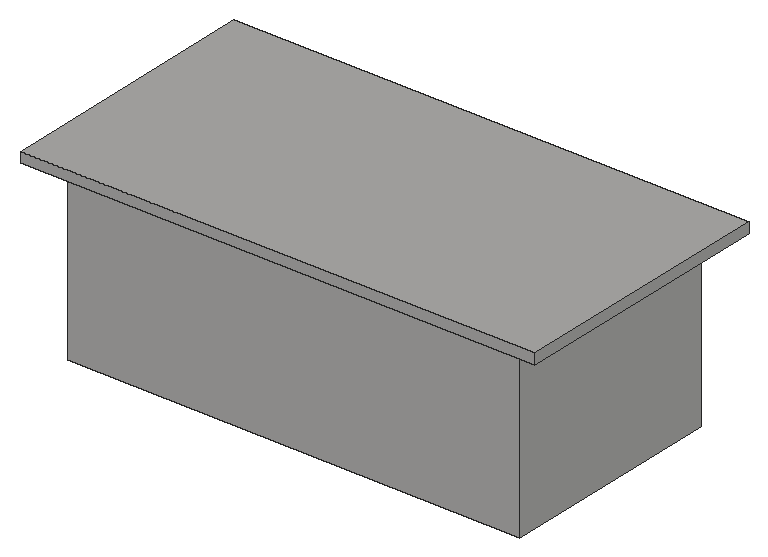
Revit family "Bancada_Lab_Seca_Ilh", category Plumbing Fixtures, Revit 2025
Family settings
  Round Connector Dimension = Use Diameter
  Part Type = Normal
  Work Plane-Based = No
  Enable Cutting in Views = No
  Always vertical = Yes
  Cut with Voids When Loaded = Yes
  Maintain Annotation Orientation = No
  Shared = No
  Room Calculation Point = Yes
Parameters (values of type "BAN_130x090_ILH_SEC_LAB")
  Material_Bancadas_Pés [instance] = CT_Bancadas_Labs
  Material_Bancadas [instance] = CT_Bancadas_Labs
  Description = "Descrição do tipo"
  Default Elevation = 0.000 m
  Banc_Profundidade = 1.300 m
  Banc_Frente [instance] = 2.500 m
  Banc_Altura = 0.900 m
Types (5, lengths in m): name | Banc_Profundidade
  BAN_130x090_ILH_SEC_LAB | 1.300
  BAN_150x090_ILH_SEC_LAB | 1.500
  BAN_070x090_ILH_SEC_LAB | 0.700
  BAN_120x090_ILH_SEC_LAB | 1.200
  BAN_060x090_ILH_SEC_LAB | 0.600
Reference planes (m)
  plane 1: z = 0
  plane 2 "Base Bancada": z = 0.9
  plane 3 "Centro E/E": x = 4
  plane 4 "Centro E/G": y = 0.575
  plane 5 "Centro E/K": x = 1.5
  plane 6 "Centro E/L": y = 1.225
  plane 7 "Centro E/M": y = -0.075
  plane 8 "Base void": z = 0.85
  plane 9: x = 3.850011
  plane 10: x = 1.65
  plane 11 "Centro E/O": y = 0.025
  plane 12 "Centro E/P": y = 1.125
  plane 13 "Centro E/Q": x = 2.75
Forms (m)
  Extrusion 1, solid, material "CT_Bancadas_Labs" <- "Material_Bancadas"
    sketch origin (0, 0, 0) x (1, 0, 0) y (0, 1, 0)
      loop
        line (1.5, -0.075) -> (4, -0.075) -> (4, 1.225) -> (1.5, 1.225) -> (1.5, -0.075)
    from 0.85 to 0.9
  Extrusion 2, solid, material "CT_Bancadas_Labs" <- "Material_Bancadas_Pés"
    sketch origin (0, 0, 0) x (1, 0, 0) y (0, 1, 0)
      loop
        line (1.65, 1.125) -> (1.65, 0.025) -> (3.850011, 0.025) -> (3.850011, 1.125) -> (1.65, 1.125)
    from 0.85 to 0
Dimensions and locks (m)
  "Banc_Altura": plane 2 "Base Bancada" to level
  plane 2 "Base Bancada" to plane 8 "Base void" = 0.050 m  (x2)
  "Banc_Frente": plane 5 "Centro E/K" to plane 3 "Centro E/E"
  equal spacing: plane 7 "Centro E/M", plane 4 "Centro E/G", plane 6 "Centro E/L"
  "Banc_Profundidade": plane 7 "Centro E/M" to plane 6 "Centro E/L"
  locked: plane 10 to plane 5 "Centro E/K" at 0.15
  locked: plane 3 "Centro E/E" to plane 9 at 0.149989
  locked: plane 6 "Centro E/L" to plane 12 "Centro E/P" at 0.1
  locked: plane 11 "Centro E/O" to plane 7 "Centro E/M" at 0.1
  equal spacing: plane 5 "Centro E/K", plane 13 "Centro E/Q", plane 3 "Centro E/E"
  aligned and locked: plane 1 to level
  aligned and locked: plane 2 "Base Bancada" to Extrusion 1
  aligned and locked: Extrusion 1 sketch curve to plane 5 "Centro E/K"
  aligned and locked: plane 3 "Centro E/E" to Extrusion 1 sketch curve
  aligned and locked: Extrusion 1 to plane 8 "Base void"
  aligned and locked: Extrusion 2 to Extrusion 1
  aligned and locked: Extrusion 2 to level
  aligned and locked: Extrusion 2 to plane 10
  aligned and locked: plane 9 to Extrusion 2
  aligned and locked: Extrusion 2 to plane 12 "Centro E/P"
  aligned and locked: plane 11 "Centro E/O" to Extrusion 2
Automatic sketch dimensions
  plane 7 "Centro E/M" to Extrusion 1 sketch curve = 0.000 m
  plane 6 "Centro E/L" to Extrusion 1 sketch curve = 0.000 m
  plane 5 "Centro E/K" to Extrusion 2 sketch curve = 0.150 m
  Extrusion 2 sketch curve to plane 3 "Centro E/E" = 0.149989 m
  Extrusion 2 sketch curve to plane 7 "Centro E/M" = 0.100 m
  plane 6 "Centro E/L" to Extrusion 2 sketch curve = 0.100 m
